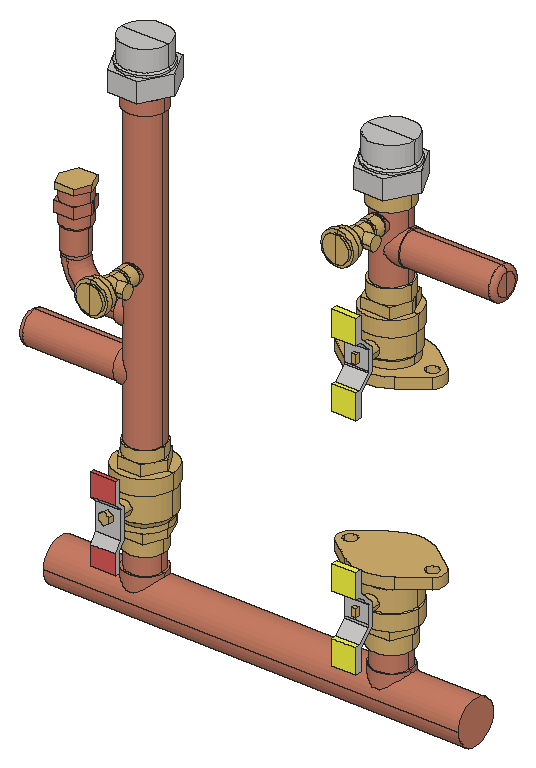
Revit family "Water_Heater_Manifolds-Navien-NFB-Primary-02", category Pipe Fittings, Revit 2016
Family settings
  Part Type = Multi Port
  Round Connector Dimension = Use Radius
  OmniClass Number = 23.60.30.11.14
  OmniClass Title = Pipework Fittings
  Work Plane-Based = No
  Always vertical = Yes
  Cut with Voids When Loaded = No
  Shared = No
Parameters (values of type "NFB Manifold")
  Weight = 0.00 lbf
  Version = "2016 - v1.0.a"  # constant formula
  URL = "https://www.navieninc.com"
  Type Comments = if(Boiler Pump, "Boiler Pump not included with kit", " ")  # " "
  Tick Size [instance] = 0.45"
  Product Page URL = "Contact Navien for Product Documentation"
  Product Name = "Manifold"  # constant formula
  Product Documentation Link = "Contact Navien for Product Documentation"
  Model = "GFFM-MSOZUS-002"  # constant formula
  Material = ""
  Manufacturer Phone Number = "(949) 420-0420"  # constant formula
  Manufacturer Fax Number = "(949) 420-0430"  # constant formula
  Manufacturer Address = "20 Goodyear, Irvine, CA 92618"  # constant formula
  Manufacturer = "Navien, Inc."  # constant formula
  Loss Method = Not Defined
  Keynote = "22 33 00.A1"
  K Coefficient Table = "Tee"
  Heating Supply = 1.5"  # constant formula
  Heating Return = 1.5"  # constant formula
  Finish = Metal - Navien - Copper
  Description = "NFB Primary Manifolds"  # constant formula
  Copyright = "All contents copyright © Navien Inc."  # constant formula
  Boiler Pump = no
  Boiler Heating Supply Connection = 1.25"  # constant formula
  Boiler Heating Return Connection = 1.25"  # constant formula
  Assembly Code = "D3010500"
Reference planes (in)
  plane 1 "Center (Front/Back)": y = 0
  plane 2: z = 0
  plane 3 "Center (Left/Right)": x = 0
  plane 4 "Valve": y = -1.64724
  plane 5: z = 19.5
  plane 6: x = -4.805
  plane 7: x = 4.805
  plane 8: z = 4.71968
  plane 9: z = 11.31968
  plane 10: x = -8.1
  plane 11: x = 8.1
  plane 12: x = -9.3
  plane 13: x = 9.3
Forms (in)
  Extrusion 1, solid, material "Metal - Navien - Copper" <- "Finish", detail levels fine
    sketch origin (0, 0, 0) x (0, 1, 0) y (0, 0, 1)
      loop
        circle (0, 0) r 0.83583
    from -8.1 to 8.1
  Revolve 2, solid, material "Metal - Navien - Copper" <- "Finish", detail levels fine
    sketch origin (-1.805, 0, 0) x (-1, 0, 0) y (0, 0, 1)
      loop
        line (3, 19.5) -> (3, 0.01275) -> (3.76474, 0.01275) -> (3.76474, 0.9518) -> (3.66869, 0.9518) -> (3.66869, 1.66621) -> (3.74814, 1.66621) -> (3.74814, 2.58529) -> (3.92973, 2.58529) -> (3.92973, 2.7973) -> (4.06645, 3.00783) -> (4.06645, 3.98571) -> (4.10466, 3.98571) -> (4.10466, 4.5625) -> (3.75389, 4.5625) -> (3.75389, 5.37769) -> (3.6875, 5.37769) -> (3.6875, 17.08431) -> (3.76451, 17.08431) -> (3.76451, 17.63549) -> (3.80692, 17.63549) -> (3.80692, 17.76349) -> (3.85485, 17.76349) -> (3.85485, 18.54846) -> (3.97308, 18.54846) -> (3.97308, 18.62998) -> (3.90837, 18.69468) -> (3.90837, 19.5) -> (3, 19.5)
      axis (3, 19.5) -> (3, 0.01275)
    angle from 0 to 360
  Revolve 3, solid, material "Metal - Navien - Copper" <- "Finish", detail levels fine
    sketch origin (-4.805, 180, 22.89157) x (0, 0, 1) y (0, -1, 0)
      loop
        line (-11.07667, 180) -> (-11.07667, 180.72331) -> (-11.11002, 180.72331) -> (-11.11002, 180.77833) -> (-11.07667, 180.77833) -> (-11.07667, 181.1716) -> (-11.18073, 181.1716) -> (-11.18073, 181.27142) -> (-11.11002, 181.27142) -> (-11.11002, 181.67073) -> (-11.07667, 181.67073) -> (-11.07667, 182.095) -> (-10.95108, 182.095) -> (-10.87933, 182.16675) -> (-10.87933, 182.41675) -> (-10.81174, 182.41675) -> (-10.81174, 182.63158) -> (-10.93236, 182.63158) -> (-10.93236, 182.71477) -> (-11.45166, 182.71477) -> (-11.45166, 180) -> (-11.07667, 180)
      axis (-11.45166, 182.71477) -> (-11.45166, 180)
    angle from 0 to 360
  Sweep 4, solid, material "Metal - Navien - Copper" <- "Finish", detail levels fine
    path origin (-1.93, 0, 0.5) x (-1, 0, 0) y (0, 0, 1)
      loop
        line (3, 9.20862) -> (4.33222, 9.20862)
        arc (4.33222, 9.20862) -> (5.20722, 9.57106) -> (5.56966, 10.44606) r 1.23744
        line (5.56966, 10.44606) -> (5.56966, 11.30168)
    profile origin (-5.59611, 0, 9.70862) x (0, 0, -1) y (0, -1, 0)
      loop
        circle (0, 0) r 0.45371
  Revolve 5, solid, material "Metal - Navien - Copper" <- "Finish", detail levels fine
    sketch origin (-1.93, 0, 0.5) x (-1, 0, 0) y (0, 0, 1)
      loop
        line (3, 9.20862) -> (3.64799, 9.20862) -> (3.64799, 9.75888) -> (3, 9.75888) -> (3, 9.20862)
      axis (3.64799, 9.20862) -> (3, 9.20862)
    angle from 0 to 360
  Revolve 6, solid, material "Metal - Navien - Copper" <- "Finish", detail levels fine
    sketch origin (-1.93, 0, 0.5) x (-1, 0, 0) y (0, 0, 1)
      loop
        line (5.56966, 13.02413) -> (5.56966, 10.57899) -> (6.05672, 10.57899) -> (6.05672, 11.47762) -> (6.13078, 11.55168) -> (6.13078, 13.02413) -> (5.56966, 13.02413)
      axis (5.56966, 10.57899) -> (5.56966, 13.02413)
    angle from 0 to 360
  Extrusion 7, solid, material "Metal - Navien - Carbon Steel", detail levels fine
    sketch origin (-1.805, 0, 0.1875) x (0, 1, 0) y (0, 0, -1)
      loop
        line (-1.94449, -4.78917) -> (-1.94449, -3.98986) -> (-1.71732, -3.76269) -> (-1.71732, -2.58477) -> (-1.94449, -2.26034) -> (-1.94449, -1.51034) -> (-2.08753, -1.51034) -> (-2.08753, -2.26034) -> (-1.83901, -2.61526) -> (-1.83901, -3.69165) -> (-2.08753, -3.94017) -> (-2.08753, -4.78917) -> (-1.94449, -4.78917)
    from 2.47638 to 3.43975
  Extrusion 8, solid, material "Metal - Navien - Copper" <- "Finish", detail levels fine
    sketch origin (-1.93, 0, -4.48272) x (-1, 0, 0) y (0, -1, 0)
      loop
        line (5.95103, -0.56666) -> (6.175, -0.00978) -> (5.9656, 0.57057) -> (5.18647, 0.57057) -> (4.95736, 0.00094) -> (5.18488, -0.56666) -> (5.95103, -0.56666)
    from 16.94735 to 17.36847
  Extrusion 9, solid, material "Metal - Navien - Copper" <- "Finish", detail levels fine
    sketch origin (-1.93, 0, -3.56286) x (-1, 0, 0) y (0, -1, 0)
      loop
        line (5.93878, -0.57834) -> (6.19627, 0) -> (5.94224, 0.57057) -> (5.19708, 0.57057) -> (4.94304, 0) -> (5.20054, -0.57834) -> (5.93878, -0.57834)
    from 16.86454 to 17.08699
  Extrusion 10, solid, material "Metal - Navien - Copper" <- "Finish", detail levels fine
    sketch origin (-1.805, 0, -13) x (-1, 0, 0) y (0, -1, 0)
      loop
        line (3.46813, -0.7578) -> (3.87906, 0.02763) -> (3.43607, 0.77844) -> (2.54456, 0.77844) -> (2.12777, -0.0182) -> (2.56415, -0.7578) -> (3.46813, -0.7578)
    from 17.5 to 17.95829
  Extrusion 11, solid, material "Metal - Navien - Copper" <- "Finish", detail levels fine
    sketch origin (-1.805, 0, 0.34375) x (-1, 0, 0) y (0, 0, -1)
      loop
        circle (2.99494, -3.10847) r 0.2914
    from 0 to 1.71732
  Extrusion 12, solid, material "Metal - Navien - Brass, Soft Yellow", detail levels fine
    sketch origin (-1.805, 0, 0.04687) x (-1, 0, 0) y (0, 0, -1)
      loop
        line (2.79315, -3.32314) -> (2.79315, -3.52064) -> (3, -3.67191) -> (3.19655, -3.53535) -> (3.19655, -3.32314) -> (3, -3.19498) -> (2.79315, -3.32314)
    from 1.83901 to 2.03284
  Revolve 13, solid, material "Metal - Navien - Copper" <- "Finish", detail levels fine
    sketch origin (0, 0, 0) x (1, 0, 0) y (0, 0, 1)
      loop
        line (4.805, 19.51404) -> (3.88375, 19.51404) -> (3.88375, 18.70739) -> (3.80067, 18.62431) -> (3.80067, 18.54846) -> (3.88375, 18.54846) -> (3.88375, 17.77753) -> (3.94793, 17.77753) -> (3.94793, 17.66376) -> (3.99488, 17.66376) -> (3.99488, 17.10939) -> (4.1175, 17.10939) -> (4.1175, 14.42363) -> (4.02239, 14.42363) -> (4.02239, 13.48137) -> (3.74437, 13.48137) -> (3.74437, 12.88473) -> (3.80268, 12.88473) -> (3.80268, 12.06736) -> (3.88008, 11.98996) -> (3.88008, 11.31968) -> (4.805, 11.31968) -> (4.805, 19.51404)
      loop
        line (4.805, 4.30561) -> (3.8732, 4.30561) -> (3.8732, 4.13832) -> (3.78748, 4.0526) -> (3.78748, 3.23026) -> (3.74388, 3.18665) -> (3.74388, 2.60097) -> (3.97805, 2.60097) -> (3.97805, 1.65602) -> (4.10919, 1.65602) -> (4.10919, 0.93827) -> (4.04026, 0.93827) -> (4.04026, -0.0843) -> (4.805, -0.0843) -> (4.805, 4.30561)
      axis (4.805, -0.0843) -> (4.805, 19.51404)
    angle from 0 to 360
  Revolve 14, solid, material "Metal - Navien - Copper" <- "Finish", detail levels fine
    sketch origin (4.805, 180, 23.45407) x (0, 0, 1) y (0, -1, 0)
      loop
        line (-6.51417, 180) -> (-6.51417, 180.73148) -> (-6.54752, 180.73148) -> (-6.54752, 180.79418) -> (-6.51417, 180.79418) -> (-6.51417, 181.1716) -> (-6.61823, 181.1716) -> (-6.61823, 181.27142) -> (-6.54752, 181.27142) -> (-6.54752, 181.67073) -> (-6.51417, 181.67073) -> (-6.51417, 182.095) -> (-6.38858, 182.095) -> (-6.31683, 182.16675) -> (-6.31683, 182.41675) -> (-6.24924, 182.41675) -> (-6.24924, 182.63158) -> (-6.36986, 182.63158) -> (-6.36986, 182.71477) -> (-6.88916, 182.71477) -> (-6.88916, 180) -> (-6.51417, 180)
      axis (-6.88916, 182.71477) -> (-6.88916, 180)
    angle from 0 to 360
  Extrusion 15, solid, material "Metal - Navien - Copper", detail levels fine
    sketch origin (1.805, 0, 1.0625) x (0, 1, 0) y (0, 0, -1)
      loop
        circle (-1.67073, -15.50241) r 0.25
    from -3.72096 to -3
  Extrusion 16, solid, material "Metal - Navien - Copper" <- "Finish", detail levels fine
    sketch origin (0, 0, 0) x (1, 0, 0) y (0, 0, 1)
      loop
        circle (4.805, 3.48121) r 0.2914
      loop
        circle (4.805, 12.34405) r 0.2914
    from 0 to 1.54912
  Extrusion 17, solid, material "Metal - Navien - Carbon Steel", detail levels fine
    sketch origin (1.805, 0, 0) x (0, 1, 0) y (0, 0, -1)
      loop
        line (-2.07945, -14.14379) -> (-2.07945, -13.33057) -> (-1.54912, -12.80024) -> (-1.54912, -12.01674) -> (-1.54912, -11.92075) -> (-2.07945, -11.39042) -> (-2.07945, -10.5772) -> (-2.32945, -10.5772) -> (-2.32945, -11.52873) -> (-2.12924, -11.52873) -> (-1.69773, -11.96024) -> (-1.69773, -12.01674) -> (-1.69773, -12.76075) -> (-2.12924, -13.19226) -> (-2.32945, -13.19226) -> (-2.32945, -14.14379) -> (-2.07945, -14.14379)
      loop
        line (-2.07945, -5.24971) -> (-2.07945, -4.43648) -> (-1.54912, -3.90615) -> (-1.54912, -3.15391) -> (-1.54912, -3.02667) -> (-2.07945, -2.49634) -> (-2.07945, -1.68311) -> (-2.32945, -1.68311) -> (-2.32945, -2.63464) -> (-2.12924, -2.63464) -> (-1.69773, -3.06615) -> (-1.69773, -3.15391) -> (-1.69773, -3.86667) -> (-2.12924, -4.29818) -> (-2.32945, -4.29818) -> (-2.32945, -5.24971) -> (-2.07945, -5.24971)
    from -3.46338 to -2.53933
  Extrusion 18, solid, material "Metal - Navien - Copper", detail levels fine
    sketch origin (-0.77459, 0, -3.54522) x (1, 0, 0) y (0, 1, 0)
      loop
        line (6.11277, 0.79484) -> (5.03194, 0.79484) -> (4.70514, -0.02044) -> (5.02063, -0.80484) -> (6.15487, -0.80484) -> (6.43921, -0.01678) -> (6.11277, 0.79484)
    from 17.02658 to 17.42041
  Extrusion 19, solid, material "Metal - Navien - Copper", detail levels fine
    sketch origin (-0.74377, 0, -14.79953) x (0, -1, 0) y (1, 0, 0)
      loop
        line (-0.8505, 6.11173) -> (-0.8505, 4.98684) -> (0.01426, 4.64021) -> (0.83997, 4.9723) -> (0.83997, 6.14769) -> (-0.00399, 6.4522) -> (-0.8505, 6.11173)
    from 17.05442 to 17.41479
  Extrusion 20, solid, material "Metal - Navien - Brass, Soft Yellow", detail levels fine
    sketch origin (1.805, 0, 0.4375) x (-1, 0, 0) y (0, 0, -1)
      loop
        line (-3.10104, -3.22952) -> (-2.91466, -3.22952) -> (-2.91466, -2.89531) -> (-3.10104, -2.89531) -> (-3.10104, -3.22952)
      loop
        line (-3.10104, -12.09235) -> (-2.91466, -12.09235) -> (-2.91466, -11.75815) -> (-3.10104, -11.75815) -> (-3.10104, -12.09235)
    from 1.69773 to 1.83901
  Extrusion 21, solid, material "Metal - Navien - Brass, Soft Yellow", detail levels fine
    sketch origin (1.805, 0, -5.75665) x (-1, 0, 0) y (0, -1, 0)
      loop
        line (-4.91527, -0.35626) -> (-3.97362, -1.0625)
        arc (-3.97362, -1.0625) -> (-3, -1.38704) -> (-2.02638, -1.0625) r 1.6227
        line (-2.02638, -1.0625) -> (-1.08473, -0.35626)
        arc (-1.08473, -0.35626) -> (-0.95397, 0) -> (-1.08473, 0.35626) r 0.55073
        line (-1.08473, 0.35626) -> (-2.02638, 1.0625)
        arc (-2.02638, 1.0625) -> (-3, 1.38704) -> (-3.97362, 1.0625) r 1.6227
        line (-3.97362, 1.0625) -> (-4.91527, 0.35626)
        arc (-4.91527, 0.35626) -> (-5.04603, 0) -> (-4.91527, -0.35626) r 0.55073
      loop
        circle (-4.6055, 0) r 0.25
      loop
        circle (-1.3945, 0) r 0.25
    from 10.06226 to 10.47632
  Extrusion 22, solid, material "Metal - Navien - Brass, Soft Yellow", detail levels fine
    sketch origin (1.805, 0, 0.6) x (-1, 0, 0) y (0, -1, 0)
      loop
        line (-4.91527, -0.35626) -> (-3.97362, -1.0625)
        arc (-3.97362, -1.0625) -> (-3, -1.38704) -> (-2.02638, -1.0625) r 1.6227
        line (-2.02638, -1.0625) -> (-1.08473, -0.35626)
        arc (-1.08473, -0.35626) -> (-0.95397, 0) -> (-1.08473, 0.35626) r 0.55073
        line (-1.08473, 0.35626) -> (-2.02638, 1.0625)
        arc (-2.02638, 1.0625) -> (-3, 1.38704) -> (-3.97362, 1.0625) r 1.6227
        line (-3.97362, 1.0625) -> (-4.91527, 0.35626)
        arc (-4.91527, 0.35626) -> (-5.04603, 0) -> (-4.91527, -0.35626) r 0.55073
      loop
        circle (-1.3945, 0) r 0.25
      loop
        circle (-4.6055, 0) r 0.25
    from 10.71968 to 11.12476
  Revolve 23, solid, material "Metal - Navien - Copper" <- "Finish", detail levels fine
    sketch origin (-1.805, 0, -6.75) x (1, 0, 0) y (0, 0, 1)
      loop
        line (-3, 14.53104) -> (-3, 15.18743) -> (-3.72096, 15.18743) -> (-3.72096, 15.15604) -> (-7.28829, 15.15604)
        arc (-7.28829, 15.15604) -> (-7.43445, 15.0955) -> (-7.495, 14.94933) r 0.20671
        line (-7.495, 14.94933) -> (-7.495, 14.53104) -> (-3, 14.53104)
      axis (-3, 14.53104) -> (-7.495, 14.53104)
    angle from 0 to 360
  Revolve 24, solid, material "Metal - Navien - Copper" <- "Finish", detail levels fine
    sketch origin (0, 0, 0) x (1, 0, 0) y (0, 0, 1)
      loop
        line (4.805, 15.71854) -> (9.3, 15.71854) -> (9.3, 16.14627)
        arc (9.3, 16.14627) -> (9.24222, 16.28576) -> (9.10273, 16.34354) r 0.19727
        line (9.10273, 16.34354) -> (5.60611, 16.34354) -> (5.60611, 16.37493) -> (4.805, 16.37493) -> (4.805, 15.71854)
      axis (4.805, 15.71854) -> (9.3, 15.71854)
    angle from 0 to 360
  Extrusion 25, solid, material "Metal - Navien - Copper", detail levels fine
    sketch origin (-7.805, 0, -4.03125) x (0, 1, 0) y (0, 0, -1)
      loop
        circle (-1.67073, -15.50241) r 0.25
    from -3.64799 to -3
  Extrusion 26, solid, material "Metal - Navien - Carbon Steel", detail levels fine
    sketch origin (1.805, 0, 0.9153) x (-1, 0, 0) y (0, -1, 0)
      loop
        line (7.20549, -1.07926) -> (7.78351, 0) -> (7.18886, 1.11642) -> (6.03198, 1.11642) -> (5.43406, 0) -> (6.00892, -1.07926) -> (7.20549, -1.07926)
      loop
        line (-3.59549, -1.07926) -> (-2.39892, -1.07926) -> (-1.82406, 0) -> (-2.42198, 1.11642) -> (-3.57886, 1.11642) -> (-4.17351, 0) -> (-3.59549, -1.07926)
    from 16.86454 to 17.63317
  Extrusion 27, solid, material "Metal - Navien - Copper", detail levels fine
    sketch origin (0.74377, 0, -14.79953) x (0, 1, 0) y (-1, 0, 0)
      loop
        line (0.8505, 6.11173) -> (0.00399, 6.4522) -> (-0.83997, 6.14769) -> (-0.83997, 4.9723) -> (-0.01426, 4.64021) -> (0.8505, 4.98684) -> (0.8505, 6.11173)
    from 17.05442 to 17.38482
  Extrusion 28, solid, material "Metal - Navien - Cast Iron", visible <- "Boiler Pump", detail levels fine
    sketch origin (7.805, -1.64724, 0.49926) x (0, 0, -1) y (1, 0, 0)
      loop
        line (-10.28659, -5.96831) -> (-6.02564, -5.96831) -> (-6.02564, -4.73414) -> (-9.21925, -4.73414)
        arc (-9.21925, -4.73414) -> (-9.76188, -4.42643) -> (-10.21915, -4.85073) r 0.52801
        line (-10.21915, -4.85073) -> (-10.28659, -5.50679) -> (-10.28659, -5.96831)
    from -0.37582 to 1.66831
  Extrusion 29, solid, material "Metal - Navien - Cast Iron", visible <- "Boiler Pump", detail levels fine
    sketch origin (7.805, -1.64724, 0.49926) x (0, 0, -1) y (1, 0, 0)
      loop
        arc (-9.18098, -4.27131) -> (-9.09604, -4.47637) -> (-8.89098, -4.56131) r 0.29
        line (-8.89098, -4.56131) -> (-6.04934, -4.56131)
        arc (-6.04934, -4.56131) -> (-5.84428, -4.47637) -> (-5.75934, -4.27131) r 0.29
        line (-5.75934, -4.27131) -> (-5.75934, -1.72798)
        arc (-5.75934, -1.72798) -> (-5.84428, -1.52292) -> (-6.04934, -1.43798) r 0.29
        line (-6.04934, -1.43798) -> (-8.8894, -1.43798)
        arc (-8.8894, -1.43798) -> (-9.09558, -1.52338) -> (-9.18098, -1.72955) r 0.29157
        line (-9.18098, -1.72955) -> (-9.18098, -4.27131)
    from -2.58715 to -0.70733
  Extrusion 30, solid, material "Metal - Navien - Cast Iron", visible <- "Boiler Pump", detail levels fine
    sketch origin (7.805, -1.64724, 0.49926) x (0, 0, -1) y (1, 0, 0)
      loop
        circle (-7.47125, -2.98687) r 1.52836
    from -2.58715 to 1.66831
  Extrusion 31, solid, material "Metal - Navien - Cast Iron", visible <- "Boiler Pump", detail levels fine
    sketch origin (7.805, 0, -0.189) x (1, 0, 0) y (0, 1, 0)
      loop
        arc (-4.91527, 0.35626) -> (-5.04603, 0) -> (-4.91527, -0.35626) r 0.55073
        line (-4.91527, -0.35626) -> (-3.97362, -1.0625)
        arc (-3.97362, -1.0625) -> (-3, -1.38704) -> (-2.02638, -1.0625) r 1.6227
        line (-2.02638, -1.0625) -> (-1.08473, -0.35626)
        arc (-1.08473, -0.35626) -> (-0.95397, 0) -> (-1.08473, 0.35626) r 0.55073
        line (-1.08473, 0.35626) -> (-2.02638, 1.0625)
        arc (-2.02638, 1.0625) -> (-3, 1.38704) -> (-3.97362, 1.0625) r 1.6227
        line (-3.97362, 1.0625) -> (-4.91527, 0.35626)
      loop
        circle (-1.3945, 0) r 0.25
      loop
        circle (-4.6055, 0) r 0.25
    from 10.80532 to 11.33796
  Extrusion 32, solid, material "Metal - Navien - Cast Iron", visible <- "Boiler Pump", detail levels fine
    sketch origin (7.805, 0, -5.91493) x (1, 0, 0) y (0, 1, 0)
      loop
        arc (-4.91527, 0.35626) -> (-5.04603, 0) -> (-4.91527, -0.35626) r 0.55073
        line (-4.91527, -0.35626) -> (-3.97362, -1.0625)
        arc (-3.97362, -1.0625) -> (-3, -1.38704) -> (-2.02638, -1.0625) r 1.6227
        line (-2.02638, -1.0625) -> (-1.08473, -0.35626)
        arc (-1.08473, -0.35626) -> (-0.95397, 0) -> (-1.08473, 0.35626) r 0.55073
        line (-1.08473, 0.35626) -> (-2.02638, 1.0625)
        arc (-2.02638, 1.0625) -> (-3, 1.38704) -> (-3.97362, 1.0625) r 1.6227
        line (-3.97362, 1.0625) -> (-4.91527, 0.35626)
      loop
        circle (-1.3945, 0) r 0.25
      loop
        circle (-4.6055, 0) r 0.25
    from 10.80532 to 11.33796
  Revolve 33, solid, material "Metal - Navien - Cast Iron", visible <- "Boiler Pump", detail levels fine
    sketch origin (7.805, 0, 0.49926) x (1, 0, 0) y (0, 0, 1)
      loop
        line (-2.13206, 10.11706) -> (-3, 10.11706) -> (-3, 4.92377) -> (-2.13206, 4.92377) -> (-2.13206, 10.11706)
      loop
        line (-1.82517, 10.82041) -> (-3, 10.82041) -> (-3, 10.6497) -> (-1.82517, 10.6497) -> (-1.82517, 10.82041)
      loop
        line (-1.82517, 4.39113) -> (-3, 4.39113) -> (-3, 4.22041) -> (-1.82517, 4.22041) -> (-1.82517, 4.39113)
      axis (-3, 10.82041) -> (-3, 4.22041)
    angle from 0 to 360
  Extrusion 34, solid, material "Metal - Navien - Cast Iron", visible <- "Boiler Pump", detail levels fine
    sketch origin (7.805, -1.64724, 0.49926) x (0, 0, -1) y (1, 0, 0)
      loop
        circle (-7.47125, -2.98687) r 1.91218
    from -2.58715 to -1.92844
  Extrusion 35, solid, material "Metal - Navien - Cast Iron", visible <- "Boiler Pump", detail levels fine
    sketch origin (7.805, -1.64724, 0.49926) x (0, 0, -1) y (1, 0, 0)
      loop
        line (-8.76253, -4.73414) -> (-6.17996, -4.73414) -> (-6.17996, -3.80448) -> (-8.76253, -3.80448) -> (-8.76253, -4.73414)
    from -0.37582 to 1.50167
  Extrusion 36, solid, material "Metal - Navien - Cast Iron", visible <- "Boiler Pump", detail levels fine
    sketch origin (7.805, -1.64724, 0.49926) x (0, 0, -1) y (1, 0, 0)
      loop
        arc (-9.18098, -4.27131) -> (-9.09604, -4.47637) -> (-8.89098, -4.56131) r 0.29
        line (-8.89098, -4.56131) -> (-6.04934, -4.56131)
        arc (-6.04934, -4.56131) -> (-5.84428, -4.47637) -> (-5.75934, -4.27131) r 0.29
        line (-5.75934, -4.27131) -> (-5.75934, -1.72798)
        arc (-5.75934, -1.72798) -> (-5.84428, -1.52292) -> (-6.04934, -1.43798) r 0.29
        line (-6.04934, -1.43798) -> (-8.8894, -1.43798)
        arc (-8.8894, -1.43798) -> (-9.09558, -1.52338) -> (-9.18098, -1.72955) r 0.29157
        line (-9.18098, -1.72955) -> (-9.18098, -4.27131)
    from -0.70733 to -0.37582
  Extrusion 37, solid, material "Metal - Navien - Cast Iron", visible <- "Boiler Pump", detail levels fine
    sketch origin (7.805, -1.64724, 0.49926) x (0, 0, -1) y (1, 0, 0)
      loop
        circle (-7.47125, -2.98687) r 1.75
    from -2.58715 to -1.42286
Cuts and joins
  joined: Extrusion 1, Revolve 2, Revolve 3, Revolve 5, Extrusion 10, Extrusion 11, Revolve 13, Revolve 14, Extrusion 16, Revolve 23, Revolve 24
  joined: Revolve 6, Extrusion 9
Lines and regions (in)
  Split face 1
    outline origin (-5.24475, 0, 0.1875) x (0, 1, 0) y (0, 0, 1)
      loop
        line (-1.94449, 3.98986) -> (-2.08753, 3.94017)
  Split face 2
    outline origin (-5.24475, 0, 0.1875) x (0, 1, 0) y (0, 0, 1)
      loop
        line (-1.94449, 2.26034) -> (-2.08753, 2.26034)
  Split face 3
    outline origin (-4.28138, 0, 0.1875) x (0, 1, 0) y (0, 0, 1)
      loop
        line (-1.94449, 3.98986) -> (-2.08753, 3.94017)
  Split face 4
    outline origin (-4.28138, 0, 0.1875) x (0, 1, 0) y (0, 0, 1)
      loop
        line (-1.94449, 2.26034) -> (-2.08753, 2.26034)
  Split face 5
    outline origin (5.26838, 0, 0) x (0, 1, 0) y (0, 0, 1)
      loop
        line (-2.12924, 4.29818) -> (-2.07945, 4.43648)
  Split face 6
    outline origin (5.26838, 0, 0) x (0, 1, 0) y (0, 0, 1)
      loop
        line (-2.12924, 2.63464) -> (-2.07945, 2.49634)
  Split face 7
    outline origin (5.26838, 0, 0) x (0, 1, 0) y (0, 0, 1)
      loop
        line (-2.07945, 13.33057) -> (-2.12924, 13.19226)
  Split face 8
    outline origin (5.26838, 0, 0) x (0, 1, 0) y (0, 0, 1)
      loop
        line (-2.12924, 11.52873) -> (-2.07945, 11.39042)
  Split face 9
    outline origin (4.34433, 0, 0) x (0, 1, 0) y (0, 0, 1)
      loop
        line (-2.12924, 11.52873) -> (-2.07945, 11.39042)
  Split face 10
    outline origin (4.34433, 0, 0) x (0, 1, 0) y (0, 0, 1)
      loop
        line (-2.07945, 13.33057) -> (-2.12924, 13.19226)
  Split face 11
    outline origin (4.34433, 0, 0) x (0, 1, 0) y (0, 0, 1)
      loop
        line (-2.07945, 4.43648) -> (-2.12924, 4.29818)
  Split face 12
    outline origin (4.34433, 0, 0) x (0, 1, 0) y (0, 0, 1)
      loop
        line (-2.12924, 2.63464) -> (-2.07945, 2.49634)
  model lines, detail levels coarse+medium
    curve 1: line (-8.105, 0.83583, 0) -> (-8.105, -0.83583, 0)
    curve 2: line (-4.805, 0, 0) -> (-4.805, 0, 1.70419)
    curve 3: line (-3.89663, 0, 19.5) -> (-5.71337, 0, 19.5)
    curve 4: line (-9.3, 0, 7.84354) -> (-4.805, 0, 7.84354)
    curve 5: line (-4.805, 0, 9.6875) -> (-6.16612, 0, 9.6875)
    curve 6: arc (-6.16612, 0, 9.6875) -> (-7.10586, 0, 10.07675) -> (-7.49511, 0, 11.01649) r 1.32899
    curve 7: line (-7.49511, 0, 11.01649) -> (-7.49511, 0, 13.52413)
    curve 8: line (-8.12627, 0, 13.52413) -> (-6.87304, 0, 13.52413)
    curve 9: line (-4.805, -2.71477, 11.43991) -> (-4.805, 0, 11.43991)
    curve 10: line (-4.805, 0, 3.37491) -> (-4.34162, 0, 5.27079)
    curve 11: line (-4.34162, 0, 5.27079) -> (-5.26567, 0, 5.27079)
    curve 12: line (-5.26567, 0, 5.27079) -> (-4.805, 0, 3.37491)
    curve 13: line (-4.34162, 0, 1.70419) -> (-5.26567, 0, 1.70419)
    curve 14: line (-5.26567, 0, 1.70419) -> (-4.805, 0, 3.37491)
    curve 15: line (-4.34162, 0, 1.70419) -> (-4.805, 0, 3.37491)
    curve 16: line (8.105, 0.83583, 0) -> (8.105, -0.83583, 0)
    curve 17: line (4.805, 0, 0) -> (4.805, 0, 1.70419)
    curve 18: line (3.88375, 0, 19.51404) -> (5.72625, 0, 19.51404)
    curve 19: line (4.805, 0, 15.71854) -> (9.25847, 0, 15.71854)
    curve 20: line (4.805, -2.71477, 16.56491) -> (4.805, 0, 16.56491)
    curve 21: line (4.34433, 0, 11.31968) -> (5.26838, 0, 14.14379)
    curve 22: line (5.26838, 0, 14.14379) -> (4.34433, 0, 14.14379)
    curve 23: line (4.34433, 0, 14.14379) -> (5.26838, 0, 11.31968)
    curve 24: line (5.26838, 0, 11.31968) -> (4.34433, 0, 11.31968)
    curve 25: line (5.26838, 0, 4.71968) -> (4.34433, 0, 4.71968)
    curve 26: line (5.26838, 0, 1.70419) -> (4.34433, 0, 1.70419)
    curve 27: line (4.34433, 0, 1.70419) -> (5.26838, 0, 4.71968)
    curve 28: line (5.26838, 0, 1.70419) -> (4.34433, 0, 4.71968)
    curve 29: line (-8.1, 0, 0) -> (8.1, 0, 0)
    curve 30: line (-4.805, 0, 5.27079) -> (-4.805, 0, 19.5)
    curve 31: line (4.805, 0, 14.14379) -> (4.805, 0, 19.5)
  model lines, visible <- "Boiler Pump", detail levels coarse+medium
    curve 32: line (4.805, 0, 11.31968) -> (4.805, 0, 9.88264)
    curve 33: circle (4.805, 0, 7.97051) r 1.91213 normal (0, -1, 0)
    curve 34: line (4.805, 0, 9.88264) -> (6.59672, 0, 7.30268)
    curve 35: line (4.805, 0, 9.88264) -> (3.01328, 0, 7.30268)
    curve 36: line (3.01328, 0, 7.30268) -> (6.59672, 0, 7.30268)
    curve 37: line (4.805, 0, 6.05838) -> (4.805, 0, 4.71894)
Dimensions and locks (in)
  locked: plane 4 "Valve" to plane 1 "Center (Front/Back)" at 1.64724
  Revolve 2 sketch curve to level = 18.69468"  (x4)
  Revolve 2 sketch curve to level = 19.5"  (x10)
  Revolve 2 sketch curve to level = 18.62998"  (x4)
  Revolve 2 sketch curve to level = 18.54846"  (x10)
  Revolve 2 sketch curve to level = 17.76349"  (x10)
  Revolve 2 sketch curve to level = 17.63549"  (x2)
  Revolve 2 sketch curve to level = 17.08431"  (x8)
  Revolve 2 sketch curve to level = 5.37769"  (x10)
  Revolve 2 sketch curve to level = 4.5625"  (x10)
  Revolve 2 sketch curve to level = 3.98571"  (x10)
  Revolve 2 sketch curve to level = 3.00783"  (x4)
  Revolve 2 sketch curve to level = 2.7973"  (x2)
  Revolve 2 sketch curve to level = 2.58529"  (x2)
  Revolve 2 sketch curve to level = 1.66621"  (x10)
  Revolve 2 sketch curve to level = 0.9518"  (x10)
  Revolve 2 sketch curve to level = 0.01275"  (x10)
  locked: Revolve 2 sketch curve to level at 21.25  (x6)
  locked: Revolve 2 sketch curve to level at 4  (x6)
  Revolve 3 sketch curve to level = 11.8149"  (x60)
  Revolve 3 sketch curve to level = 11.78155"  (x40)
  Revolve 3 sketch curve to level = 11.71084"  (x20)
  Revolve 3 sketch curve to level = 11.94049"  (x8)
  Revolve 3 sketch curve to level = 12.01224"  (x20)
  Revolve 3 sketch curve to level = 12.07983"  (x20)
  Revolve 3 sketch curve to level = 11.9592"  (x20)
  Revolve 3 sketch curve to level = 11.43991"  (x32)
  locked: Sweep 4 to level at 11.80168  (x8)
  Sweep 4 sketch curve to level = 9.70862"  (x18)
  Sweep 4 sketch curve to level = 10.94606"  (x8)
  locked: Sweep 4 sketch curve to level at 11.80168  (x8)
  level to Sweep 4 sketch curve = 10.16233"  (x4)
  Revolve 5 sketch curve to level = 9.70862"  (x32)
  Revolve 5 sketch curve to level = 10.25888"  (x20)
  Revolve 6 sketch curve to level = 13.52413"  (x20)
  Revolve 6 sketch curve to level = 12.05168"  (x8)
  Revolve 6 sketch curve to level = 11.97762"  (x8)
  Revolve 6 sketch curve to level = 11.07899"  (x20)
  locked: Revolve 6 sketch curve to level at 11.80168  (x8)
  locked: Revolve 6 sketch curve to level at 13.55168  (x8)
  Extrusion 7 to level = 4.97667"  (x4)
  Extrusion 7 to level = 1.69784"  (x4)
  Extrusion 7 sketch curve to level = 4.17736"  (x8)
  Extrusion 7 sketch curve to level = 3.95019"  (x8)
  Extrusion 7 sketch curve to level = 2.77227"  (x8)
  Extrusion 7 sketch curve to level = 2.44784"  (x16)
  Extrusion 7 sketch curve to level = 1.69784"  (x20)
  Extrusion 7 sketch curve to level = 2.80276"  (x8)
  Extrusion 7 sketch curve to level = 3.87915"  (x8)
  Extrusion 7 sketch curve to level = 4.12767"  (x8)
  Extrusion 7 sketch curve to level = 4.97667"  (x20)
  Extrusion 8 sketch curve to level = 4.48272"  (x72)
  Extrusion 9 sketch curve to level = 3.56286"  (x72)
  Extrusion 10 sketch curve to level = 13.0"  (x72)
  Extrusion 11 sketch curve to level = 3.16082"  (x4)
  Extrusion 12 sketch curve to level = 3.56751"  (x4)
  Extrusion 12 sketch curve to level = 3.71879"  (x4)
  Extrusion 12 sketch curve to level = 3.58222"  (x4)
  Extrusion 12 sketch curve to level = 3.37002"  (x8)
  Extrusion 12 sketch curve to level = 3.24186"  (x4)
  plane 8 to level = 4.71968"
  locked: plane 9 to plane 8 at 6.6
  Revolve 13 sketch curve to level = 18.70739"  (x4)
  Revolve 13 sketch curve to level = 19.51404"  (x10)
  Revolve 13 sketch curve to level = 18.62431"  (x4)
  Revolve 13 sketch curve to level = 18.54846"  (x10)
  Revolve 13 sketch curve to level = 17.77753"  (x10)
  Revolve 13 sketch curve to level = 17.66376"  (x2)
  Revolve 13 sketch curve to level = 17.10939"  (x8)
  Revolve 13 sketch curve to level = 14.42363"  (x10)
  Revolve 13 sketch curve to level = 13.48137"  (x10)
  Revolve 13 sketch curve to level = 12.88473"  (x10)
  Revolve 13 sketch curve to level = 12.06736"  (x4)
  Revolve 13 sketch curve to level = 11.98996"  (x4)
  Revolve 13 sketch curve to level = 11.31968"  (x10)
  Revolve 13 sketch curve to level = 4.30561"  (x10)
  Revolve 13 sketch curve to level = 4.13832"  (x4)
  Revolve 13 sketch curve to level = 4.0526"  (x4)
  Revolve 13 sketch curve to level = 3.23026"  (x4)
  Revolve 13 sketch curve to level = 3.18665"  (x4)
  Revolve 13 sketch curve to level = 2.60097"  (x10)
  Revolve 13 sketch curve to level = 1.65602"  (x10)
  Revolve 13 sketch curve to level = 0.93827"  (x10)
  level to Revolve 13 sketch curve = 0.0843"  (x10)
  locked: level to Revolve 13 sketch curve at 21.25  (x2)
  locked: level to Revolve 13 sketch curve at 4  (x2)
  Revolve 14 sketch curve to level = 16.9399"  (x60)
  Revolve 14 sketch curve to level = 16.90655"  (x40)
  Revolve 14 sketch curve to level = 16.83584"  (x20)
  Revolve 14 sketch curve to level = 17.06549"  (x8)
  Revolve 14 sketch curve to level = 17.13724"  (x20)
  Revolve 14 sketch curve to level = 17.20483"  (x20)
  Revolve 14 sketch curve to level = 17.0842"  (x20)
  Revolve 14 sketch curve to level = 16.56491"  (x32)
  Extrusion 15 sketch curve to level = 16.31491"  (x4)
  level to Extrusion 16 sketch curve = 3.77261"  (x4)
  level to Extrusion 16 sketch curve = 12.63544"  (x4)
  Extrusion 17 to level = 13.19226"  (x4)
  Extrusion 17 to level = 11.52873"  (x4)
  Extrusion 17 to level = 10.5772"  (x4)
  Extrusion 17 to level = 14.14379"  (x4)
  Extrusion 17 to level = 4.29818"  (x4)
  Extrusion 17 to level = 2.63464"  (x4)
  Extrusion 17 to level = 1.68311"  (x4)
  Extrusion 17 to level = 5.24971"  (x4)
  Extrusion 17 sketch curve to level = 14.14379"  (x10)
  Extrusion 17 sketch curve to level = 13.19226"  (x10)
  Extrusion 17 sketch curve to level = 12.76075"  (x4)
  locked: Extrusion 17 sketch curve to level at 12.01674  (x24)
  Extrusion 17 sketch curve to level = 11.96024"  (x4)
  Extrusion 17 sketch curve to level = 11.52873"  (x10)
  Extrusion 17 sketch curve to level = 10.5772"  (x10)
  Extrusion 17 sketch curve to level = 11.39042"  (x4)
  Extrusion 17 sketch curve to level = 11.92075"  (x4)
  Extrusion 17 sketch curve to level = 12.80024"  (x4)
  Extrusion 17 sketch curve to level = 13.33057"  (x4)
  Extrusion 17 sketch curve to level = 5.24971"  (x10)
  Extrusion 17 sketch curve to level = 4.29818"  (x10)
  Extrusion 17 sketch curve to level = 3.86667"  (x4)
  locked: Extrusion 17 sketch curve to level at 3.15391  (x24)
  Extrusion 17 sketch curve to level = 3.06615"  (x4)
  Extrusion 17 sketch curve to level = 2.63464"  (x10)
  Extrusion 17 sketch curve to level = 1.68311"  (x10)
  Extrusion 17 sketch curve to level = 2.49634"  (x4)
  Extrusion 17 sketch curve to level = 3.02667"  (x4)
  Extrusion 17 sketch curve to level = 3.90615"  (x4)
  Extrusion 17 sketch curve to level = 4.43648"  (x4)
  Extrusion 18 sketch curve to level = 3.54522"  (x72)
  Extrusion 19 sketch curve to level = 14.79953"  (x72)
  Extrusion 20 to level = 3.66702"  (x2)
  Extrusion 20 to level = 3.33281"  (x2)
  Extrusion 20 to level = 12.52985"  (x2)
  Extrusion 20 to level = 12.19565"  (x2)
  level to Extrusion 20 sketch curve = 3.66702"  (x5)
  level to Extrusion 20 sketch curve = 3.33281"  (x5)
  level to Extrusion 20 sketch curve = 12.52985"  (x5)
  level to Extrusion 20 sketch curve = 12.19565"  (x5)
  Extrusion 20 sketch curve to level = 3.66702"  (x5)
  Extrusion 20 sketch curve to level = 3.33281"  (x5)
  Extrusion 20 sketch curve to level = 12.52985"  (x5)
  Extrusion 20 sketch curve to level = 12.19565"  (x5)
  plane 6 to plane 3 "Center (Left/Right)" to plane 7 = 4.805" locked, 4.805" locked
  plane 11 to plane 3 "Center (Left/Right)" to plane 10 = 8.1" locked, 8.1" locked
  plane 12 to plane 3 "Center (Left/Right)" to plane 13 = 9.3" locked, 9.3" locked
  locked: plane 5 to level at 19.5
  locked: Revolve 2 sketch curve to plane 3 "Center (Left/Right)" at 5.71337  (x20)
  locked: Revolve 2 sketch curve to plane 3 "Center (Left/Right)" at 5.77808  (x20)
  locked: Revolve 2 sketch curve to plane 3 "Center (Left/Right)" at 5.65985  (x20)
  locked: Revolve 2 sketch curve to plane 3 "Center (Left/Right)" at 5.61192  (x20)
  locked: Revolve 2 sketch curve to plane 3 "Center (Left/Right)" at 5.56951  (x20)
  locked: Revolve 2 sketch curve to plane 3 "Center (Left/Right)" at 5.4925  (x20)
  locked: Revolve 2 sketch curve to plane 3 "Center (Left/Right)" at 5.55889  (x20)
  locked: Revolve 2 sketch curve to plane 3 "Center (Left/Right)" at 5.90966  (x20)
  locked: Revolve 2 sketch curve to plane 3 "Center (Left/Right)" at 5.87145  (x20)
  locked: Revolve 2 sketch curve to plane 3 "Center (Left/Right)" at 5.73473  (x20)
  locked: Revolve 2 sketch curve to plane 3 "Center (Left/Right)" at 5.55314  (x20)
  locked: Revolve 2 sketch curve to plane 3 "Center (Left/Right)" at 5.47369  (x20)
  locked: Revolve 2 sketch curve to plane 3 "Center (Left/Right)" at 5.56974  (x20)
  locked: Revolve 2 sketch curve to plane 3 "Center (Left/Right)" at 4.805  (x32)
  locked: Revolve 2 sketch curve to level at 18.69468  (x8)
  locked: Revolve 2 sketch curve to level at 19.5  (x20)
  locked: Revolve 2 sketch curve to level at 18.62998  (x8)
  locked: Revolve 2 sketch curve to level at 18.54846  (x20)
  locked: Revolve 2 sketch curve to level at 17.76349  (x20)
  locked: Revolve 2 sketch curve to level at 17.63549  (x20)
  locked: Revolve 2 sketch curve to level at 17.08431  (x20)
  locked: Revolve 2 sketch curve to level at 5.37769  (x20)
  locked: Revolve 2 sketch curve to level at 4.5625  (x20)
  locked: Revolve 2 sketch curve to level at 3.98571  (x20)
  locked: Revolve 2 sketch curve to level at 3.00783  (x8)
  locked: Revolve 2 sketch curve to level at 2.7973  (x8)
  locked: Revolve 2 sketch curve to level at 2.58529  (x20)
  locked: Revolve 2 sketch curve to level at 1.66621  (x20)
  locked: Revolve 2 sketch curve to level at 0.9518  (x20)
  locked: Revolve 3 sketch curve to plane 3 "Center (Left/Right)" at 4.805  (x264)
  locked: Revolve 3 sketch curve to plane 1 "Center (Front/Back)" at 0.72331  (x20)
  locked: Revolve 3 sketch curve to plane 1 "Center (Front/Back)" at 0.77833  (x20)
  locked: Revolve 3 sketch curve to plane 1 "Center (Front/Back)" at 1.1716  (x20)
  locked: Revolve 3 sketch curve to plane 1 "Center (Front/Back)" at 1.27142  (x20)
  locked: Revolve 3 sketch curve to plane 1 "Center (Front/Back)" at 1.67073  (x20)
  locked: Revolve 3 sketch curve to plane 1 "Center (Front/Back)" at 2.095  (x20)
  locked: Revolve 3 sketch curve to plane 1 "Center (Front/Back)" at 2.16675  (x8)
  locked: Revolve 3 sketch curve to plane 1 "Center (Front/Back)" at 2.41675  (x20)
  locked: Revolve 3 sketch curve to plane 1 "Center (Front/Back)" at 2.63158  (x20)
  locked: Revolve 3 sketch curve to plane 1 "Center (Front/Back)" at 2.71477  (x20)
  locked: Revolve 3 sketch curve to plane 1 "Center (Front/Back)" at 1.18384  (x4)
  locked: Revolve 3 sketch curve to plane 1 "Center (Front/Back)" at 0.76444  (x4)
  locked: Revolve 3 sketch curve to level at 11.8149  (x60)
  locked: Revolve 3 sketch curve to level at 11.78155  (x40)
  locked: Revolve 3 sketch curve to level at 11.71084  (x20)
  locked: Revolve 3 sketch curve to level at 11.94049  (x8)
  locked: Revolve 3 sketch curve to level at 12.01224  (x20)
  locked: Revolve 3 sketch curve to level at 12.07983  (x20)
  locked: Revolve 3 sketch curve to level at 11.9592  (x20)
  locked: Revolve 3 sketch curve to level at 11.43991  (x32)
  locked: Sweep 4 to plane 3 "Center (Left/Right)" at 4.93  (x4)
  locked: Sweep 4 sketch curve to plane 3 "Center (Left/Right)" at 4.93  (x4)
  locked: Sweep 4 sketch curve to plane 3 "Center (Left/Right)" at 6.26222  (x8)
  locked: Sweep 4 sketch curve to plane 3 "Center (Left/Right)" at 7.49966  (x16)
  locked: Sweep 4 sketch curve to plane 3 "Center (Left/Right)" at 5.59611  (x8)
  locked: Sweep 4 sketch curve to plane 3 "Center (Left/Right)" at 5.02478  (x2)
  locked: Sweep 4 sketch curve to level at 9.70862  (x18)
  locked: Sweep 4 sketch curve to level at 10.94606  (x8)
  locked: plane 1 "Center (Front/Back)" to Sweep 4 sketch curve at 0.45371  (x4)
  locked: Sweep 4 sketch curve to level at 9.25492  (x4)
  locked: Revolve 5 sketch curve to plane 3 "Center (Left/Right)" at 5.57799  (x24)
  locked: Revolve 5 sketch curve to plane 3 "Center (Left/Right)" at 4.93  (x24)
  locked: Revolve 5 sketch curve to level at 9.70862  (x32)
  locked: Revolve 5 sketch curve to level at 10.25888  (x20)
  locked: Revolve 6 sketch curve to plane 3 "Center (Left/Right)" at 8.06078  (x20)
  locked: Revolve 6 sketch curve to plane 3 "Center (Left/Right)" at 7.98672  (x20)
  locked: Revolve 6 sketch curve to plane 3 "Center (Left/Right)" at 7.49966  (x32)
  locked: Revolve 6 sketch curve to level at 13.52413  (x20)
  locked: Revolve 6 sketch curve to level at 12.05168  (x8)
  locked: Revolve 6 sketch curve to level at 11.97762  (x8)
  locked: Revolve 6 sketch curve to level at 11.07899  (x20)
  locked: Extrusion 7 to plane 3 "Center (Left/Right)" at 5.24475  (x4)
  locked: Extrusion 7 to plane 3 "Center (Left/Right)" at 4.28138  (x4)
  locked: Extrusion 7 sketch curve to plane 3 "Center (Left/Right)" at 1.805  (x144)
  locked: Extrusion 7 to plane 1 "Center (Front/Back)" at 1.94449  (x8)
  locked: Extrusion 7 to plane 1 "Center (Front/Back)" at 2.08753  (x8)
  locked: Extrusion 7 to plane 1 "Center (Front/Back)" at 1.83901  (x4)
  locked: Extrusion 7 to plane 1 "Center (Front/Back)" at 1.71732  (x4)
  locked: Extrusion 7 sketch curve to plane 1 "Center (Front/Back)" at 1.94449  (x40)
  locked: Extrusion 7 sketch curve to plane 1 "Center (Front/Back)" at 1.71732  (x20)
  locked: Extrusion 7 sketch curve to plane 1 "Center (Front/Back)" at 2.08753  (x40)
  locked: Extrusion 7 sketch curve to plane 1 "Center (Front/Back)" at 1.83901  (x20)
  locked: Extrusion 7 to level at 4.97667  (x4)
  locked: Extrusion 7 to level at 1.69784  (x4)
  locked: Extrusion 7 sketch curve to level at 4.17736  (x8)
  locked: Extrusion 7 sketch curve to level at 3.95019  (x8)
  locked: Extrusion 7 sketch curve to level at 2.77227  (x8)
  locked: Extrusion 7 sketch curve to level at 2.44784  (x16)
  locked: Extrusion 7 sketch curve to level at 1.69784  (x20)
  locked: Extrusion 7 sketch curve to level at 2.80276  (x8)
  locked: Extrusion 7 sketch curve to level at 3.87915  (x8)
  locked: Extrusion 7 sketch curve to level at 4.12767  (x8)
  locked: Extrusion 7 sketch curve to level at 4.97667  (x20)
  locked: Extrusion 8 sketch curve to plane 3 "Center (Left/Right)" at 6.88736  (x8)
  locked: Extrusion 8 sketch curve to plane 3 "Center (Left/Right)" at 7.11488  (x8)
  locked: Extrusion 8 sketch curve to plane 3 "Center (Left/Right)" at 7.11647  (x8)
  locked: Extrusion 8 sketch curve to plane 3 "Center (Left/Right)" at 7.8956  (x8)
  locked: Extrusion 8 sketch curve to plane 3 "Center (Left/Right)" at 8.105  (x8)
  locked: Extrusion 8 sketch curve to plane 3 "Center (Left/Right)" at 7.88103  (x8)
  locked: Extrusion 8 to plane 1 "Center (Front/Back)" at 0.57057  (x4)
  locked: Extrusion 8 to plane 1 "Center (Front/Back)" at 0.56666  (x4)
  locked: Extrusion 8 sketch curve to plane 1 "Center (Front/Back)" at 0.56666  (x20)
  locked: Extrusion 8 sketch curve to plane 1 "Center (Front/Back)" at 0.57057  (x20)
  locked: Extrusion 8 to level at 12.88575  (x4)
  locked: Extrusion 8 to level at 12.46464  (x4)
  locked: Extrusion 8 sketch curve to level at 4.48272  (x72)
  locked: Extrusion 9 sketch curve to plane 3 "Center (Left/Right)" at 6.87304  (x8)
  locked: Extrusion 9 sketch curve to plane 3 "Center (Left/Right)" at 7.13054  (x8)
  locked: Extrusion 9 sketch curve to plane 3 "Center (Left/Right)" at 7.12708  (x8)
  locked: Extrusion 9 sketch curve to plane 3 "Center (Left/Right)" at 7.87224  (x8)
  locked: Extrusion 9 sketch curve to plane 3 "Center (Left/Right)" at 8.12627  (x8)
  locked: Extrusion 9 sketch curve to plane 3 "Center (Left/Right)" at 7.86878  (x8)
  locked: Extrusion 9 sketch curve to plane 1 "Center (Front/Back)" at 0.57834  (x20)
  locked: Extrusion 9 sketch curve to plane 1 "Center (Front/Back)" at 0.57057  (x20)
  locked: Extrusion 9 sketch curve to level at 3.56286  (x72)
  locked: Extrusion 10 sketch curve to plane 3 "Center (Left/Right)" at 3.93277  (x8)
  locked: Extrusion 10 sketch curve to plane 3 "Center (Left/Right)" at 4.36915  (x8)
  locked: Extrusion 10 sketch curve to plane 3 "Center (Left/Right)" at 4.34956  (x8)
  locked: Extrusion 10 sketch curve to plane 3 "Center (Left/Right)" at 5.24107  (x8)
  locked: Extrusion 10 sketch curve to plane 3 "Center (Left/Right)" at 5.68406  (x8)
  locked: Extrusion 10 sketch curve to plane 3 "Center (Left/Right)" at 5.27313  (x8)
  locked: Extrusion 10 sketch curve to plane 1 "Center (Front/Back)" at 0.7578  (x20)
  locked: Extrusion 10 sketch curve to plane 1 "Center (Front/Back)" at 0.77844  (x20)
  locked: Extrusion 10 sketch curve to level at 13  (x72)
  locked: Extrusion 11 sketch curve to plane 3 "Center (Left/Right)" at 4.50855  (x4)
  locked: Extrusion 11 sketch curve to level at 3.16082  (x4)
  locked: Extrusion 12 to plane 3 "Center (Left/Right)" at 4.59815  (x4)
  locked: Extrusion 12 to plane 3 "Center (Left/Right)" at 5.00155  (x4)
  locked: Extrusion 12 sketch curve to plane 3 "Center (Left/Right)" at 4.59815  (x20)
  locked: Extrusion 12 sketch curve to plane 3 "Center (Left/Right)" at 4.805  (x16)
  locked: Extrusion 12 sketch curve to plane 3 "Center (Left/Right)" at 5.00155  (x20)
  locked: Extrusion 12 to plane 1 "Center (Front/Back)" at 2.03284  (x4)
  locked: Extrusion 12 to plane 1 "Center (Front/Back)" at 1.83901  (x4)
  locked: Extrusion 12 sketch curve to level at 3.56751  (x8)
  locked: Extrusion 12 sketch curve to level at 3.71879  (x8)
  locked: Extrusion 12 sketch curve to level at 3.58222  (x8)
  locked: Extrusion 12 sketch curve to level at 3.37002  (x16)
  locked: Extrusion 12 sketch curve to level at 3.24186  (x8)
  locked: Revolve 13 sketch curve to plane 3 "Center (Left/Right)" at 3.88375  (x40)
  locked: Revolve 13 sketch curve to plane 3 "Center (Left/Right)" at 3.80067  (x20)
  locked: Revolve 13 sketch curve to plane 3 "Center (Left/Right)" at 3.94793  (x20)
  locked: Revolve 13 sketch curve to plane 3 "Center (Left/Right)" at 3.99488  (x20)
  locked: Revolve 13 sketch curve to plane 3 "Center (Left/Right)" at 4.1175  (x20)
  locked: Revolve 13 sketch curve to plane 3 "Center (Left/Right)" at 4.02239  (x20)
  locked: Revolve 13 sketch curve to plane 3 "Center (Left/Right)" at 3.74437  (x20)
  locked: Revolve 13 sketch curve to plane 3 "Center (Left/Right)" at 3.80268  (x20)
  locked: Revolve 13 sketch curve to plane 3 "Center (Left/Right)" at 3.88008  (x20)
  locked: Revolve 13 sketch curve to plane 3 "Center (Left/Right)" at 4.805  (x52)
  locked: Revolve 13 sketch curve to plane 3 "Center (Left/Right)" at 3.8732  (x20)
  locked: Revolve 13 sketch curve to plane 3 "Center (Left/Right)" at 3.78748  (x20)
  locked: Revolve 13 sketch curve to plane 3 "Center (Left/Right)" at 3.74388  (x20)
  locked: Revolve 13 sketch curve to plane 3 "Center (Left/Right)" at 3.97805  (x20)
  locked: Revolve 13 sketch curve to plane 3 "Center (Left/Right)" at 4.10919  (x20)
  locked: Revolve 13 sketch curve to plane 3 "Center (Left/Right)" at 4.04026  (x20)
  locked: Revolve 13 sketch curve to level at 18.70739  (x8)
  locked: Revolve 13 sketch curve to level at 19.51404  (x20)
  locked: Revolve 13 sketch curve to level at 18.62431  (x8)
  locked: Revolve 13 sketch curve to level at 18.54846  (x20)
  locked: Revolve 13 sketch curve to level at 17.77753  (x20)
  locked: Revolve 13 sketch curve to level at 17.66376  (x20)
  locked: Revolve 13 sketch curve to level at 17.10939  (x20)
  locked: Revolve 13 sketch curve to level at 14.42363  (x20)
  locked: Revolve 13 sketch curve to level at 13.48137  (x20)
  locked: Revolve 13 sketch curve to level at 12.88473  (x20)
  locked: Revolve 13 sketch curve to level at 12.06736  (x8)
  locked: Revolve 13 sketch curve to level at 11.98996  (x8)
  locked: Revolve 13 sketch curve to level at 11.31968  (x20)
  locked: Revolve 13 sketch curve to level at 4.30561  (x20)
  locked: Revolve 13 sketch curve to level at 4.13832  (x8)
  locked: Revolve 13 sketch curve to level at 4.0526  (x8)
  locked: Revolve 13 sketch curve to level at 3.23026  (x8)
  locked: Revolve 13 sketch curve to level at 3.18665  (x8)
  locked: Revolve 13 sketch curve to level at 2.60097  (x20)
  locked: Revolve 13 sketch curve to level at 1.65602  (x20)
  locked: Revolve 13 sketch curve to level at 0.93827  (x20)
  locked: Revolve 13 sketch curve to level at 0.0843  (x20)
  locked: Revolve 13 sketch curve to level at 21.25  (x4)
  locked: Revolve 13 sketch curve to level at 4  (x4)
  locked: Revolve 14 sketch curve to plane 3 "Center (Left/Right)" at 4.805  (x264)
  locked: Revolve 14 sketch curve to plane 1 "Center (Front/Back)" at 0.73148  (x20)
  locked: Revolve 14 sketch curve to plane 1 "Center (Front/Back)" at 0.79418  (x20)
  locked: Revolve 14 sketch curve to plane 1 "Center (Front/Back)" at 1.1716  (x20)
  locked: Revolve 14 sketch curve to plane 1 "Center (Front/Back)" at 1.27142  (x20)
  locked: Revolve 14 sketch curve to plane 1 "Center (Front/Back)" at 1.67073  (x20)
  locked: Revolve 14 sketch curve to plane 1 "Center (Front/Back)" at 2.095  (x20)
  locked: Revolve 14 sketch curve to plane 1 "Center (Front/Back)" at 2.16675  (x8)
  locked: Revolve 14 sketch curve to plane 1 "Center (Front/Back)" at 2.41675  (x20)
  locked: Revolve 14 sketch curve to plane 1 "Center (Front/Back)" at 2.63158  (x20)
  locked: Revolve 14 sketch curve to plane 1 "Center (Front/Back)" at 2.71477  (x20)
  locked: Revolve 14 sketch curve to plane 1 "Center (Front/Back)" at 1.18384  (x4)
  locked: Revolve 14 sketch curve to plane 1 "Center (Front/Back)" at 0.76444  (x4)
  locked: Revolve 14 sketch curve to level at 16.9399  (x60)
  locked: Revolve 14 sketch curve to level at 16.90655  (x40)
  locked: Revolve 14 sketch curve to level at 16.83584  (x20)
  locked: Revolve 14 sketch curve to level at 17.06549  (x8)
  locked: Revolve 14 sketch curve to level at 17.13724  (x20)
  locked: Revolve 14 sketch curve to level at 17.20483  (x20)
  locked: Revolve 14 sketch curve to level at 17.0842  (x20)
  locked: Revolve 14 sketch curve to level at 16.56491  (x32)
  locked: Extrusion 15 to plane 3 "Center (Left/Right)" at 4.805  (x4)
  locked: Extrusion 15 to plane 3 "Center (Left/Right)" at 5.52596  (x4)
  locked: Extrusion 15 sketch curve to plane 3 "Center (Left/Right)" at 1.805  (x8)
  locked: Extrusion 15 sketch curve to plane 1 "Center (Front/Back)" at 1.42073  (x4)
  locked: Extrusion 15 sketch curve to level at 16.31491  (x4)
  locked: Extrusion 16 sketch curve to plane 3 "Center (Left/Right)" at 4.5136  (x8)
  locked: Extrusion 16 sketch curve to level at 3.18981  (x4)
  locked: Extrusion 16 sketch curve to level at 12.05265  (x4)
  locked: Extrusion 17 to plane 3 "Center (Left/Right)" at 4.34433  (x4)
  locked: Extrusion 17 to plane 3 "Center (Left/Right)" at 5.26838  (x4)
  locked: Extrusion 17 sketch curve to plane 3 "Center (Left/Right)" at 1.805  (x384)
  locked: Extrusion 17 to plane 1 "Center (Front/Back)" at 2.32945  (x16)
  locked: Extrusion 17 to plane 1 "Center (Front/Back)" at 1.69773  (x16)
  locked: Extrusion 17 to plane 1 "Center (Front/Back)" at 2.07945  (x16)
  locked: Extrusion 17 to plane 1 "Center (Front/Back)" at 1.54912  (x16)
  locked: Extrusion 17 sketch curve to plane 1 "Center (Front/Back)" at 2.32945  (x80)
  locked: Extrusion 17 sketch curve to plane 1 "Center (Front/Back)" at 2.12924  (x32)
  locked: Extrusion 17 sketch curve to plane 1 "Center (Front/Back)" at 1.69773  (x64)
  locked: Extrusion 17 sketch curve to plane 1 "Center (Front/Back)" at 2.07945  (x80)
  locked: Extrusion 17 sketch curve to plane 1 "Center (Front/Back)" at 1.54912  (x64)
  locked: Extrusion 17 to level at 13.19226  (x4)
  locked: Extrusion 17 to level at 11.52873  (x4)
  locked: Extrusion 17 to level at 10.5772  (x4)
  locked: Extrusion 17 to level at 14.14379  (x4)
  locked: Extrusion 17 to level at 4.29818  (x4)
  locked: Extrusion 17 to level at 2.63464  (x4)
  locked: Extrusion 17 to level at 1.68311  (x4)
  locked: Extrusion 17 to level at 5.24971  (x4)
  locked: Extrusion 17 sketch curve to level at 14.14379  (x20)
  locked: Extrusion 17 sketch curve to level at 13.19226  (x20)
  locked: Extrusion 17 sketch curve to level at 12.76075  (x8)
  locked: Extrusion 17 sketch curve to level at 11.96024  (x8)
  locked: Extrusion 17 sketch curve to level at 11.52873  (x20)
  locked: Extrusion 17 sketch curve to level at 10.5772  (x20)
  locked: Extrusion 17 sketch curve to level at 11.39042  (x8)
  locked: Extrusion 17 sketch curve to level at 11.92075  (x8)
  locked: Extrusion 17 sketch curve to level at 12.80024  (x8)
  locked: Extrusion 17 sketch curve to level at 13.33057  (x8)
  locked: Extrusion 17 sketch curve to level at 5.24971  (x20)
  locked: Extrusion 17 sketch curve to level at 4.29818  (x20)
  locked: Extrusion 17 sketch curve to level at 3.86667  (x8)
  locked: Extrusion 17 sketch curve to level at 3.06615  (x8)
  locked: Extrusion 17 sketch curve to level at 2.63464  (x20)
  locked: Extrusion 17 sketch curve to level at 1.68311  (x20)
  locked: Extrusion 17 sketch curve to level at 2.49634  (x8)
  locked: Extrusion 17 sketch curve to level at 3.02667  (x8)
  locked: Extrusion 17 sketch curve to level at 3.90615  (x8)
  locked: Extrusion 17 sketch curve to level at 4.43648  (x8)
  locked: Extrusion 18 sketch curve to plane 3 "Center (Left/Right)" at 3.93056  (x8)
  locked: Extrusion 18 sketch curve to plane 3 "Center (Left/Right)" at 4.25735  (x8)
  locked: Extrusion 18 sketch curve to plane 3 "Center (Left/Right)" at 4.24604  (x8)
  locked: Extrusion 18 sketch curve to plane 3 "Center (Left/Right)" at 5.38028  (x8)
  locked: Extrusion 18 sketch curve to plane 3 "Center (Left/Right)" at 5.66462  (x8)
  locked: Extrusion 18 sketch curve to plane 3 "Center (Left/Right)" at 5.33819  (x8)
  locked: Extrusion 18 to plane 1 "Center (Front/Back)" at 0.80484  (x4)
  locked: Extrusion 18 to plane 1 "Center (Front/Back)" at 0.79484  (x4)
  locked: Extrusion 18 sketch curve to plane 1 "Center (Front/Back)" at 0.79484  (x20)
  locked: Extrusion 18 sketch curve to plane 1 "Center (Front/Back)" at 0.80484  (x20)
  locked: Extrusion 18 to level at 13.87519  (x4)
  locked: Extrusion 18 to level at 13.48137  (x4)
  locked: Extrusion 18 sketch curve to level at 3.54522  (x72)
  locked: Extrusion 19 sketch curve to plane 3 "Center (Left/Right)" at 3.89643  (x8)
  locked: Extrusion 19 sketch curve to plane 3 "Center (Left/Right)" at 4.24306  (x8)
  locked: Extrusion 19 sketch curve to plane 3 "Center (Left/Right)" at 4.22853  (x8)
  locked: Extrusion 19 sketch curve to plane 3 "Center (Left/Right)" at 5.40392  (x8)
  locked: Extrusion 19 sketch curve to plane 3 "Center (Left/Right)" at 5.70843  (x8)
  locked: Extrusion 19 sketch curve to plane 3 "Center (Left/Right)" at 5.36796  (x8)
  locked: Extrusion 19 to plane 1 "Center (Front/Back)" at 0.83997  (x4)
  locked: Extrusion 19 to plane 1 "Center (Front/Back)" at 0.8505  (x4)
  locked: Extrusion 19 sketch curve to plane 1 "Center (Front/Back)" at 0.8505  (x20)
  locked: Extrusion 19 sketch curve to plane 1 "Center (Front/Back)" at 0.83997  (x20)
  locked: Extrusion 19 to level at 2.61526  (x4)
  locked: Extrusion 19 to level at 2.2549  (x4)
  locked: Extrusion 19 sketch curve to level at 14.79953  (x72)
  locked: Extrusion 20 to plane 3 "Center (Left/Right)" at 4.90604  (x8)
  locked: Extrusion 20 to plane 3 "Center (Left/Right)" at 4.71966  (x8)
  locked: Extrusion 20 sketch curve to plane 3 "Center (Left/Right)" at 4.71966  (x40)
  locked: Extrusion 20 sketch curve to plane 3 "Center (Left/Right)" at 4.90604  (x40)
  locked: Extrusion 20 to plane 1 "Center (Front/Back)" at 1.83901  (x4)
  locked: Extrusion 20 to plane 1 "Center (Front/Back)" at 1.69773  (x4)
  locked: Extrusion 20 to level at 3.66702  (x4)
  locked: Extrusion 20 to level at 3.33281  (x4)
  locked: Extrusion 20 to level at 12.52985  (x4)
  locked: Extrusion 20 to level at 12.19565  (x4)
  locked: Extrusion 20 sketch curve to level at 3.66702  (x20)
  locked: Extrusion 20 sketch curve to level at 3.33281  (x20)
  locked: Extrusion 20 sketch curve to level at 12.52985  (x20)
  locked: Extrusion 20 sketch curve to level at 12.19565  (x20)
  locked: Extrusion 21 sketch curve to plane 3 "Center (Left/Right)" at 5.77862  (x16)
  locked: Extrusion 21 sketch curve to plane 3 "Center (Left/Right)" at 3.83138  (x16)
  locked: Extrusion 21 sketch curve to plane 3 "Center (Left/Right)" at 3.1823  (x4)
  locked: Extrusion 21 sketch curve to plane 3 "Center (Left/Right)" at 2.88973  (x16)
  locked: Extrusion 21 sketch curve to plane 3 "Center (Left/Right)" at 2.75897  (x2)
  locked: Extrusion 21 sketch curve to plane 3 "Center (Left/Right)" at 6.72027  (x16)
  locked: Extrusion 21 sketch curve to plane 3 "Center (Left/Right)" at 5.74958  (x2)
  locked: Extrusion 21 sketch curve to plane 3 "Center (Left/Right)" at 6.1605  (x4)
  locked: Extrusion 21 sketch curve to plane 3 "Center (Left/Right)" at 2.9495  (x4)
  locked: Extrusion 21 sketch curve to plane 1 "Center (Front/Back)" at 1.0625  (x32)
  locked: plane 1 "Center (Front/Back)" to Extrusion 21 sketch curve at 1.38704  (x4)
  locked: Extrusion 21 sketch curve to plane 1 "Center (Front/Back)" at 0.35626  (x32)
  locked: Extrusion 21 to level at 4.71968  (x4)
  locked: Extrusion 21 to level at 4.30561  (x4)
  locked: Extrusion 21 sketch curve to level at 5.75665  (x112)
  locked: Extrusion 22 sketch curve to plane 3 "Center (Left/Right)" at 5.77862  (x16)
  locked: Extrusion 22 sketch curve to plane 3 "Center (Left/Right)" at 3.83138  (x16)
  locked: Extrusion 22 sketch curve to plane 3 "Center (Left/Right)" at 3.1823  (x4)
  locked: Extrusion 22 sketch curve to plane 3 "Center (Left/Right)" at 2.88973  (x16)
  locked: Extrusion 22 sketch curve to plane 3 "Center (Left/Right)" at 2.75897  (x2)
  locked: Extrusion 22 sketch curve to plane 3 "Center (Left/Right)" at 6.72027  (x16)
  locked: Extrusion 22 sketch curve to plane 3 "Center (Left/Right)" at 5.74958  (x2)
  locked: Extrusion 22 sketch curve to plane 3 "Center (Left/Right)" at 2.9495  (x4)
  locked: Extrusion 22 sketch curve to plane 3 "Center (Left/Right)" at 6.1605  (x4)
  locked: Extrusion 22 sketch curve to plane 1 "Center (Front/Back)" at 1.0625  (x32)
  locked: plane 1 "Center (Front/Back)" to Extrusion 22 sketch curve at 1.38704  (x4)
  locked: Extrusion 22 sketch curve to plane 1 "Center (Front/Back)" at 0.35626  (x32)
  locked: Extrusion 22 to level at 11.72476  (x4)
  locked: Extrusion 22 to level at 11.31968  (x4)
